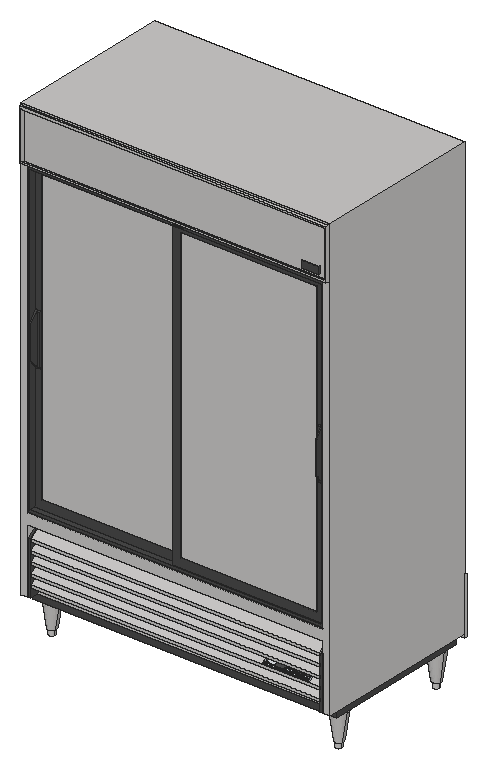
Revit family "QF_TRUE_TSD-47-HC", category Specialty Equipment, Revit 2016
Family settings
  Part Type = Normal
  Round Connector Dimension = Use Diameter
  Work Plane-Based = No
  Always vertical = Yes
  Cut with Voids When Loaded = No
  Shared = No
  Room Calculation Point = No
Parameters
  Weight in Pounds = 410
  Watts = if(Phase = 3, Volts * FL Amps * 1.73, Volts * FL Amps)  # 977.5 W
  Volts = 115 V
  URL Cutsheet = ""
  Specification by User = ""
  Specification by Manufacturer = ""
  Show Seismic Flanged [instance] = no
  Show Logo [instance] = no
  Show Legs [instance] = yes
  Show 2.5 Inches Castors [instance] = no
  Serial Number = ""
  Seismic Rating = ""
  Seismic Flanged [instance] = and(Show Seismic Flanged, not(Show 4 Inches Castors))  # no
  SMACNA No = ""
  Revision Code = ""
  Phase = 1
  Number of Poles = 1
  NAFEM Spec ID Number = ""
  Model = "TSD-47-HC"
  Min Ckt Ampacity = 0 A
  Max Overcurrent Protection = 0 A
  Masterspec = ""
  Manufacturer = "TRUE"
  Length = 54 1/8"
  Legs [instance] = and(not(Show 2.5 Inches Castors), or(Show Legs, Show Seismic Flanged))  # yes
  Item Number = ""
  Installed By = ""
  Identify Quantity as Lot = yes
  Height = 84 3/8"
  HP = "1/2"
  Furnished By = ""
  Foodservice Equipment Identifier = yes
  FL Amps = 8.5 A
  Electrical Remarks = ""
  Electric Connection Type = ""
  Elec Conn RI Height = 0"
  Elec Conn Connection Height = 0"
  Description = "REACH-IN SOLID DOOR REFRIGERATOR WITH HYDROCARBON REFRIGERANT"
  Depth = 29 13/16"
  Cycle = 60 Hz
  Conn Plug = "NEMA 5-15P"
  Conn Conduit = yes
  Show 4 Inches Castors [instance] = if(Show 2.5 Inches Castors, or(Show Legs, Show Seismic Flanged), if(Show Seismic Flanged, Show Legs, not(or(Show Legs, Show Seismic Flanged, Show 2.5 Inches Castors))))  # no
  CSI MasterFormat = ""
  Base Height [instance] = if(Show 4 Inches Castors, 4", if(Show 2.5 Inches Castors, 2 1/2", if(Show Legs, 6 1/16", if(Show Seismic Flanged, 6 1/16", 4"))))  # 6 1/16"
  Apparent Power = if(Phase = 3, Volts * FL Amps * 1.73, Volts * FL Amps)  # 977.5 VA
  2.5 Inches Castors [instance] = and(Show 2.5 Inches Castors, not(Show 4 Inches Castors))  # no
Reference planes (in)
  plane 1 "BACK": y = 0
  plane 2: z = 0
  plane 3 "LEFT": x = 0
  plane 4 "RIGHT": x = 54.125
  plane 5 "FRONT": y = -29.8125
  plane 6 "TOP": z = 84.375
  plane 7 "Center Y": x = 27.0625
  plane 8 "Center X": y = -14.90625
  plane 9: z = 6.0625
  plane 10: y = 0.5
  plane 11: x = 2
  plane 12: y = -24.90625
  plane 13: y = -3.59375
  plane 14: x = 52.125
Dimensions and locks (in)
  equal spacing: plane 3 "LEFT", plane 7 "Center Y", plane 4 "RIGHT"
  "Length": plane 3 "LEFT" to plane 4 "RIGHT"
  equal spacing: plane 5 "FRONT", plane 8 "Center X", plane 1 "BACK"
  "Depth": plane 5 "FRONT" to plane 1 "BACK"
  "Height": plane 6 "TOP" to level
  "Base Height": plane 9 to plane 2
  aligned and locked: level to plane 2
  aligned and locked: nested 1 to plane 9
Nested families (in)
  nested 1: "TSD-47-HC" at (0, -0.25, 0.0625), type "TSD-47-HC"
    with Type Mark "", Specification by User "", Revision Code "", Logo yes, Item Number "", Installed By "", Identify Quantity as Lot yes, Furnished By "", Foodservice Equipment Identifier yes
  nested 2: "TRUE_L6_C3.25" at (2, -24.90625, 0), Show Casters <- "Show 4 Inches Castors", Seismic Plate <- "Seismic Flanged", Legs <- "Legs", 2.5 Inches Caster <- "2.5 Inches Castors", type "TRUE_L6_C3.25"
    with Type Mark "", Specification by User "", Show Casters no, Seismic Plate no, Revision Code "", Legs yes, Item Number "", Installed By "", Identify Quantity as Lot yes, Furnished By "", Foodservice Equipment Identifier yes, 2.5 Inches Caster no
  nested 3: "TRUE_L6_C3.25" at (52.125, -24.90625, 0), Show Casters <- "Show 4 Inches Castors", Seismic Plate <- "Seismic Flanged", Legs <- "Legs", 2.5 Inches Caster <- "2.5 Inches Castors", type "TRUE_L6_C3.25"
    with Type Mark "", Specification by User "", Show Casters no, Seismic Plate no, Revision Code "", Legs yes, Item Number "", Installed By "", Identify Quantity as Lot yes, Furnished By "", Foodservice Equipment Identifier yes, 2.5 Inches Caster no
  nested 4: "TRUE_L6_C3.25" at (2, -3.59375, 0), Show Casters <- "Show 4 Inches Castors", Seismic Plate <- "Seismic Flanged", Legs <- "Legs", 2.5 Inches Caster <- "2.5 Inches Castors", type "TRUE_L6_C3.25"
    with Type Mark "", Specification by User "", Show Casters no, Seismic Plate no, Revision Code "", Legs yes, Item Number "", Installed By "", Identify Quantity as Lot yes, Furnished By "", Foodservice Equipment Identifier yes, 2.5 Inches Caster no
  nested 5: "TRUE_L6_C3.25" at (52.125, -3.59375, 0), Show Casters <- "Show 4 Inches Castors", Seismic Plate <- "Seismic Flanged", Legs <- "Legs", 2.5 Inches Caster <- "2.5 Inches Castors", type "TRUE_L6_C3.25"
    with Type Mark "", Specification by User "", Show Casters no, Seismic Plate no, Revision Code "", Legs yes, Item Number "", Installed By "", Identify Quantity as Lot yes, Furnished By "", Foodservice Equipment Identifier yes, 2.5 Inches Caster no
Connectors (in)
  electrical at (27.0625, 0.5, 11.625), driven by "Volts", driven by "Watts"
    settings: on nested 1, index 1, voltage 115 V, apparent load 977.5 VA, apparent load phase1 0 VA, apparent load phase2 0 VA, apparent load phase3 0 VA, power factor 1, load classification "Other", number of poles 1, system type 30, power factor state 1, is connector primary yes, connector utility no, sub classification motor no, connector description "ELECTRICAL CONNECTION"
Definition of nested family "TSD-47-HC"
  Parameters (values of type "TSD-47-HC")
    URL = "www.truemfg.com"
    Type Mark [instance] = ""
    Type Comments = "www.truemfg.com"
    Specification by User [instance] = ""
    Specification by Manufacturer = ""
    Serial Number = ""
    Seismic Rating = ""
    SMACNA No = ""
    Revision Code [instance] = ""
    Omniclass Number and Title = ""
    NAFEM Spec ID Number = ""
    Model = ""
    MasterSpec. = ""
    Manufacturer = "TRUE FOOD SERVICE EQUIPMENT, INC."
    Logo [instance] = yes
    Item Number [instance] = ""
    Installed By [instance] = ""
    Identify Quantity as Lot [instance] = yes
    Furnished By [instance] = ""
    Foodservice Equipment Identifier [instance] = yes
    Description = ""
    CSI MasterFormat = ""
    CSI Master Format = ""
    Assembly Code = ""
  Reference planes (in)
    plane 1: z = 0
    plane 2 "LEFT": x = 0
    plane 3 "RIGHT": x = 54.125
    plane 4 "FRONT": y = -29.5625
    plane 5 "TOP": z = 84.3125
    plane 6: z = 6
    plane 7: y = -36.15965
    plane 8: y = -36.15965
    plane 9: y = 0.25
    plane 10: y = 0.75
    plane 11: x = 27.0625
    plane 12: x = 0.5
    plane 13: x = 53.625
    plane 14: y = -36.15965
  Forms (in)
    Extrusion 1, solid
      sketch origin (0, 0, 1) x (0, 1, 0) y (0, 0, 1)
        loop
          line (-1, 6.375) -> (-27, 6.375) -> (-27, 5) -> (-1, 5) -> (-1, 6.375)
      from 0.5 to 53.625
    Extrusion 2, solid
      sketch origin (0, -29.875, 0) x (1, 0, 0) y (0, 0, 1)
        loop
          line (0, 84.3125) -> (0, 7.375) -> (1.25, 7.375) -> (1.25, 18.625) -> (52.875, 18.625) -> (52.875, 7.375) -> (54.125, 7.375) -> (54.125, 84.3125) -> (0, 84.3125)
        loop
          line (1.25, 75) -> (1.25, 20.625) -> (52.875, 20.625) -> (52.875, 75) -> (1.25, 75)
      from -28.875 to -0.8125
    Extrusion 3, solid
      sketch origin (0, 0, 0) x (1, 0, 0) y (0, 0, 1)
        loop
          line (0, 84.3125) -> (0, 7.375) -> (54.125, 7.375) -> (54.125, 84.3125) -> (0, 84.3125)
      from -0.25 to 1
    Extrusion 4, solid
      sketch origin (0, -2.45545, 4.4375) x (0, 1, 0) y (0, 0, 1)
        loop
          line (-26.60705, 6.357) -> (-24.90393, 7.56798) -> (-24.90393, 6.22746) -> (-26.60705, 5.01648) -> (-26.60705, 4.55635) -> (-24.90393, 5.76733) -> (-24.90393, 2.9375) -> (-24.04455, 2.9375) -> (-24.04455, 14.1875) -> (-24.90393, 14.1875) -> (-24.90393, 13.42723) -> (-26.60705, 12.21625) -> (-26.60705, 11.75612) -> (-24.90393, 12.9671) -> (-24.90393, 11.62658) -> (-26.60705, 10.4156) -> (-26.60705, 9.95547) -> (-24.90393, 11.16645) -> (-24.90393, 9.82592) -> (-26.60705, 8.61494) -> (-26.60705, 8.14374) -> (-24.90393, 9.35472) -> (-24.90393, 8.01419) -> (-26.60705, 6.80321) -> (-26.60705, 6.357)
      from 1.75 to 52.375
    Extrusion 5, solid
      sketch origin (-0.25, -2.45545, 4.4375) x (0, 1, 0) y (0, 0, 1)
        loop
          line (-24.90393, 13.42723) -> (-26.60705, 12.21625) -> (-26.60705, 2.9375) -> (-24.04455, 2.9375) -> (-24.04455, 14.17051) -> (-24.90393, 14.17051) -> (-24.90393, 13.42723)
      from 1.5 to 2
    Extrusion 6, solid
      sketch origin (0, -29.5625, 0) x (1, 0, 0) y (0, 0, 1)
        loop
          line (0.5625, 75.4375) -> (53.5625, 75.4375) -> (53.5625, 83.8125) -> (0.5625, 83.8125) -> (0.5625, 75.4375)
        loop
          line (0.3125, 84.0625) -> (0.3125, 75.1875) -> (53.8125, 75.1875) -> (53.8125, 84.0625) -> (0.3125, 84.0625)
      from -0.5 to 0
    Extrusion 7, solid
      sketch origin (0, -28.9375, 0) x (1, 0, 0) y (0, 0, 1)
        loop
          line (2.75265, 73.5) -> (2.75265, 22.5) -> (26.3125, 22.5) -> (26.3125, 73.5) -> (2.75265, 73.5)
        loop
          line (1.50265, 21) -> (27.5625, 21) -> (27.5625, 75) -> (1.50265, 75) -> (1.50265, 21)
      from -1.90983 to -1.20983
    Extrusion 8, solid
      sketch origin (0, -28.9375, 1) x (1, 0, 0) y (0, 0, 1)
        loop
          line (2.75265, 72.5) -> (2.75265, 21.5) -> (26.3125, 21.5) -> (26.3125, 72.5) -> (2.75265, 72.5)
      from -1.90983 to -1.20983
    Extrusion 9, solid
      sketch origin (0, -28.9375, 0) x (1, 0, 0) y (0, 0, 1)
        loop
          line (1.50265, 74.375) -> (1.50265, 21) -> (52.62235, 21) -> (52.62235, 74.375) -> (1.50265, 74.375)
        loop
          line (1.25, 20.625) -> (52.875, 20.625) -> (52.875, 75) -> (1.25, 75) -> (1.25, 20.625)
      from -2.125 to 0
    Extrusion 10, solid
      sketch origin (0, 0.9375, 0) x (1, 0, 0) y (0, 1, 0)
        loop
          line (1.71617, -28.6875) -> (1.71617, -30) -> (1.91617, -30) -> (1.91617, -28.8875) -> (2.46617, -28.8875) -> (2.46617, -28.6875) -> (1.71617, -28.6875)
      from 42.905 to 52.00141
    Extrusion 11, solid
      sketch origin (12.6875, -4.5625, 8.43646) x (1, 0, 0) y (0, 0, 1)
        loop
          line (36.5405, 68.62885) -> (36.5405, 67.37885) -> (39.5405, 67.37885) -> (39.5405, 68.62885) -> (36.5405, 68.62885)
      from 24.5 to 24.58496
    Extrusion 12, void
      sketch origin (0, 0.9375, 0) x (0, 1, 0) y (0, 0, 1)
        loop
          line (-30, 50.26512) -> (-28.6875, 52.00141) -> (-30, 52.00141) -> (-30, 50.26512)
        loop
          line (-30, 44.64129) -> (-30, 42.905) -> (-28.6875, 42.905) -> (-30, 44.64129)
      from 1.71617 to 2.46617
    Extrusion 13, solid
      sketch origin (39.5, -29.375, 84.3125) x (0, 0, -1) y (0, 1, 0)
        loop
          line (77.625, 29.625) -> (77.625, 30.125) -> (67.875, 30.125) -> (67.375, 29.625) -> (77.625, 29.625)
      from 14.625 to -39.5
    Extrusion 14, solid
      sketch origin (54.375, -2.45545, 4.4375) x (0, 1, 0) y (0, 0, -1)
        loop
          line (-24.90393, -13.42723) -> (-24.90393, -14.17051) -> (-24.04455, -14.17051) -> (-24.04455, -2.9375) -> (-26.60705, -2.9375) -> (-26.60705, -12.21625) -> (-24.90393, -13.42723)
      from 1.5 to 2
    Extrusion 15, solid, not visible
      sketch origin (17.8697, -29.77233, 0) x (1, 0, 0) y (0, 0, 1)
        loop
          line (-4.9322, 73.5) -> (-4.9322, 22.5) -> (18.87765, 22.5) -> (18.87765, 73.5) -> (-4.9322, 73.5)
        loop
          line (-6.1822, 21) -> (20.12765, 21) -> (20.12765, 75) -> (-6.1822, 75) -> (-6.1822, 21)
      from -1.90983 to -1.20983
    Extrusion 16, solid, not visible
      sketch origin (17.8697, -29.77233, 1) x (1, 0, 0) y (0, 0, 1)
        loop
          line (-4.9322, 72.5) -> (-4.9322, 21.5) -> (18.87765, 21.5) -> (18.87765, 72.5) -> (-4.9322, 72.5)
      from -1.90983 to -1.20983
    Extrusion 17, solid, not visible
      sketch origin (39.5, 0.125, 0) x (-1, 0, 0) y (0, -1, 0)
        loop
          line (1.71617, 28.6875) -> (2.46617, 28.6875) -> (2.46617, 28.8875) -> (1.91617, 28.8875) -> (1.91617, 30) -> (1.71617, 30) -> (1.71617, 28.6875)
      from 42.905 to 52.00141
    Extrusion 18, void, not visible
      sketch origin (39.5, 0.125, 0) x (0, 1, 0) y (0, 0, -1)
        loop
          line (-30, -50.26512) -> (-30, -52.00141) -> (-28.6875, -52.00141) -> (-30, -50.26512)
        loop
          line (-30, -44.64129) -> (-28.6875, -42.905) -> (-30, -42.905) -> (-30, -44.64129)
      from 1.71617 to 2.46617
    Extrusion 19, solid
      sketch origin (32.4947, -29.77233, 0) x (1, 0, 0) y (0, 0, 1)
        loop
          line (-4.9322, 73.5) -> (-4.9322, 22.5) -> (18.87765, 22.5) -> (18.87765, 73.5) -> (-4.9322, 73.5)
        loop
          line (-6.1822, 21) -> (20.12765, 21) -> (20.12765, 75) -> (-6.1822, 75) -> (-6.1822, 21)
      from -1.90983 to -1.20983
    Extrusion 20, solid
      sketch origin (32.4947, -29.77233, 1) x (1, 0, 0) y (0, 0, 1)
        loop
          line (-4.9322, 72.5) -> (-4.9322, 21.5) -> (18.87765, 21.5) -> (18.87765, 72.5) -> (-4.9322, 72.5)
      from -1.90983 to -1.20983
    Extrusion 21, solid
      sketch origin (54.125, 0.125, 0) x (-1, 0, 0) y (0, -1, 0)
        loop
          line (1.71617, 28.6875) -> (2.46617, 28.6875) -> (2.46617, 28.8875) -> (1.91617, 28.8875) -> (1.91617, 30) -> (1.71617, 30) -> (1.71617, 28.6875)
      from 42.905 to 52.00141
    Extrusion 22, void
      sketch origin (54.125, 0.125, 0) x (0, 1, 0) y (0, 0, -1)
        loop
          line (-30, -50.26512) -> (-30, -52.00141) -> (-28.6875, -52.00141) -> (-30, -50.26512)
        loop
          line (-30, -44.64129) -> (-28.6875, -42.905) -> (-30, -42.905) -> (-30, -44.64129)
      from 1.71617 to 2.46617
    Extrusion 23, solid, visible <- "Logo"
      sketch origin (21.05273, 5.83047, 43.96283) x (1, 0, 0) y (0, 0, 1)
        loop
          line (4.75096, 30.92458) -> (4.7107, 30.83825) -> (5.24616, 30.83825)
          arc (5.24616, 30.83825) -> (5.25703, 30.81904) -> (5.24616, 30.79982) r 0.02243
          line (5.24616, 30.79982) -> (5.1065, 30.50032)
          arc (5.1065, 30.50032) -> (5.10529, 30.47258) -> (5.12405, 30.45211) r 0.03628
          line (5.12405, 30.45211) -> (5.46643, 30.45211)
          arc (5.46643, 30.45211) -> (5.50967, 30.46574) -> (5.53726, 30.50171) r 0.07537
          line (5.53726, 30.50171) -> (5.64717, 30.7374) -> (5.74815, 30.7374)
          arc (5.74815, 30.7374) -> (5.77464, 30.72766) -> (5.77081, 30.69969) r 0.02252
          line (5.77081, 30.69969) -> (5.67884, 30.50248)
          arc (5.67884, 30.50248) -> (5.68027, 30.46973) -> (5.70792, 30.45211) r 0.0355
          line (5.70792, 30.45211) -> (6.00877, 30.45211)
          arc (6.00877, 30.45211) -> (6.03182, 30.4605) -> (6.04408, 30.48174) r 0.03586
          arc (6.04408, 30.48174) -> (6.05276, 30.46079) -> (6.07372, 30.45211) r 0.02963
          line (6.07372, 30.45211) -> (6.26421, 30.45211)
          arc (6.26421, 30.45211) -> (6.28621, 30.45801) -> (6.30232, 30.47412) r 0.04401
          arc (6.30232, 30.47412) -> (6.31003, 30.4555) -> (6.32865, 30.44778) r 0.02633
          line (6.32865, 30.44778) -> (6.59938, 30.44778)
          arc (6.59938, 30.44778) -> (6.62152, 30.45695) -> (6.63069, 30.47909) r 0.0313
          arc (6.63069, 30.47909) -> (6.65098, 30.4588) -> (6.67869, 30.45137) r 0.05543
          line (6.67869, 30.45137) -> (7.18584, 30.45137) -> (7.24217, 30.54894) -> (6.73064, 30.54894)
          arc (6.73064, 30.54894) -> (6.71652, 30.55873) -> (6.716, 30.57591) r 0.01908
          line (6.716, 30.57591) -> (6.73629, 30.61943) -> (6.9242, 30.61943)
          arc (6.9242, 30.61943) -> (6.95969, 30.62894) -> (6.98567, 30.65492) r 0.07098
          line (6.98567, 30.65492) -> (7.03329, 30.7374)
          arc (7.03329, 30.7374) -> (7.03329, 30.78143) -> (6.99517, 30.80344) r 0.04402
          line (6.99517, 30.80344) -> (6.82163, 30.80344)
          arc (6.82163, 30.80344) -> (6.7774, 30.79592) -> (6.74653, 30.76335) r 0.07088
          line (6.74653, 30.76335) -> (6.66407, 30.5865)
          arc (6.66407, 30.5865) -> (6.63973, 30.55478) -> (6.6016, 30.54276) r 0.06648
          line (6.6016, 30.54276) -> (6.4216, 30.54276)
          arc (6.4216, 30.54276) -> (6.40005, 30.56628) -> (6.40144, 30.59814) r 0.04167
          line (6.40144, 30.59814) -> (6.49717, 30.80344) -> (6.43624, 30.80344) -> (6.33482, 30.58594)
          arc (6.33482, 30.58594) -> (6.31512, 30.56025) -> (6.28424, 30.55052) r 0.05382
          line (6.28424, 30.55052) -> (6.16012, 30.55052)
          arc (6.16012, 30.55052) -> (6.13914, 30.57786) -> (6.14364, 30.61201) r 0.04502
          line (6.14364, 30.61201) -> (6.2329, 30.80344) -> (6.16998, 30.80344) -> (6.06724, 30.5831)
          arc (6.06724, 30.5831) -> (6.04339, 30.55925) -> (6.01081, 30.55052) r 0.06516
          line (6.01081, 30.55052) -> (5.83107, 30.55052)
          arc (5.83107, 30.55052) -> (5.79879, 30.56557) -> (5.79568, 30.60106) r 0.03562
          line (5.79568, 30.60106) -> (5.85476, 30.72776) -> (5.93828, 30.72776)
          arc (5.93828, 30.72776) -> (5.95237, 30.77023) -> (5.98236, 30.80344) r 0.10884
          line (5.98236, 30.80344) -> (5.65601, 30.80344)
          arc (5.65601, 30.80344) -> (5.61974, 30.7954) -> (5.59465, 30.76801) r 0.06177
          line (5.59465, 30.76801) -> (5.50619, 30.57831)
          arc (5.50619, 30.57831) -> (5.48585, 30.55797) -> (5.45806, 30.55052) r 0.05557
          line (5.45806, 30.55052) -> (5.26322, 30.55052)
          arc (5.26322, 30.55052) -> (5.24802, 30.57107) -> (5.25091, 30.59647) r 0.03488
          line (5.25091, 30.59647) -> (5.37947, 30.83825) -> (5.70382, 30.83825) -> (5.74408, 30.92458) -> (5.41972, 30.92458) -> (5.45997, 31.0109) -> (5.34459, 31.0109) -> (5.30434, 30.92458) -> (4.75096, 30.92458)
        loop
          line (6.7997, 30.72507) -> (6.78025, 30.67212) -> (6.93883, 30.67212) -> (6.95026, 30.72507) -> (6.7997, 30.72507)
      from 34.76797 to 34.83173
  Cuts and joins
    Extrusion 12 cuts Extrusion 2
    Extrusion 12 cuts Extrusion 3
    joined: Extrusion 2, Extrusion 3
    Extrusion 12 cuts Extrusion 9
    Extrusion 12 cuts Extrusion 10
    Extrusion 22 cuts Extrusion 21
  Lines and regions (in)
    symbolic lines
      curve 1: line (0, 0.25, 0) -> (54.125, 0.25, 0)
      curve 2: line (0, -29.0625, 0) -> (0, 0.25, 0)
      curve 3: line (54.125, -29.0625, 0) -> (0, -29.0625, 0)
      curve 4: line (54.125, 0.25, 0) -> (54.125, -29.0625, 0)
      curve 5: line (53.8125, -29.5625, 0) -> (53.8125, -29.0625, 0)
      curve 6: line (53.8125, -29.5625, 0) -> (0.3125, -29.5625, 0)
      curve 7: line (0.3125, -29.5625, 0) -> (0.3125, -29.0625, 0)
  Dimensions and locks (in)
    plane 2 "LEFT" to plane 3 "RIGHT" = 54 1/8"
    locked: Extrusion 1 sketch curve to Extrusion 1 sketch curve at 1.375
    plane 6 to level = 6"
    plane 3 "RIGHT" to plane 2 "LEFT" = 54 1/8"
    plane 4 "FRONT" to plane 9 = 29 13/16"
    plane 9 to plane 10 = 1/2"
    Extrusion 13 to cut or joined group of Extrusion 2, Extrusion 3, Extrusion 12 to plane 4 "FRONT" = 1/2", 29 13/16"
    equal spacing: plane 3 "RIGHT", plane 11, plane 2 "LEFT"
    aligned and locked: level to plane 1
    aligned and locked: Extrusion 2 to Extrusion 3
    aligned and locked: Extrusion 5 to Extrusion 4
    aligned and locked: Extrusion 12 to cut or joined group of Extrusion 10, Extrusion 12
    aligned and locked: Extrusion 4 sketch curve to Extrusion 5
  Automatic sketch dimensions
    Extrusion 17 sketch curve to Extrusion 17 sketch curve = 0.2"  (x2)
    Extrusion 17 sketch curve to Extrusion 17 sketch curve = 0.55"
    Extrusion 18 sketch curve to Extrusion 18 sketch curve = 1.73629"  (x2)
    Extrusion 18 sketch curve to Extrusion 18 sketch curve = 5.62383"
    Extrusion 16 sketch curve to Extrusion 16 sketch curve = 23.80985"
    Extrusion 16 sketch curve to Extrusion 16 sketch curve = 51"
    Extrusion 17 sketch curve to Extrusion 17 sketch curve = 1.1125"
    Extrusion 18 sketch curve to Extrusion 18 sketch curve = 0"
    Extrusion 18 sketch curve to Extrusion 18 sketch curve = 1 5/16"  (x2)
    Extrusion 21 sketch curve to Extrusion 21 sketch curve = 0.2"  (x2)
    Extrusion 21 sketch curve to Extrusion 21 sketch curve = 0.55"
    Extrusion 22 sketch curve to Extrusion 22 sketch curve = 1.73629"  (x2)
    Extrusion 22 sketch curve to Extrusion 22 sketch curve = 5.62383"
    Extrusion 20 sketch curve to Extrusion 20 sketch curve = 23.80985"
    Extrusion 20 sketch curve to Extrusion 20 sketch curve = 51"
    Extrusion 21 sketch curve to Extrusion 21 sketch curve = 1.1125"
    Extrusion 22 sketch curve to Extrusion 22 sketch curve = 0"
    Extrusion 22 sketch curve to Extrusion 22 sketch curve = 1 5/16"  (x2)
    Extrusion 19 sketch curve to Extrusion 19 sketch curve = 1 1/4"  (x2)
    Extrusion 19 sketch curve to Extrusion 19 sketch curve = 1 1/2"  (x2)
    Extrusion 19 sketch curve to Extrusion 19 sketch curve = 51"
    Extrusion 19 sketch curve to Extrusion 19 sketch curve = 23.80985"
    Extrusion 15 sketch curve to Extrusion 15 sketch curve = 1 1/4"  (x2)
    Extrusion 15 sketch curve to Extrusion 15 sketch curve = 1 1/2"  (x2)
    Extrusion 15 sketch curve to Extrusion 15 sketch curve = 51"
    Extrusion 15 sketch curve to Extrusion 15 sketch curve = 23.80985"
    curve 3 to plane 2 "LEFT" = 0"
    plane 4 "FRONT" to curve 6 = 0"
    curve 1 to plane 9 = 0"
    curve 6 to plane 12 = 3/16"
    plane 11 to curve 5 = 26 3/4"
    curve 5 to curve 3 = 5/16"
    curve 3 to plane 4 "FRONT" = 1/2"
    Extrusion 1 sketch curve to plane 6 = 0"
    Extrusion 1 sketch curve to plane 4 "FRONT" = 2 9/16"
    Extrusion 1 sketch curve to plane 9 = 1 1/4"
    Extrusion 2 sketch curve to plane 2 "LEFT" = 0"
    Extrusion 2 sketch curve to plane 3 "RIGHT" = 0"
    Extrusion 2 sketch curve to plane 5 "TOP" = 0"
    plane 12 to Extrusion 2 sketch curve = 3/4"  (x2)
    plane 13 to Extrusion 2 sketch curve = 3/4"  (x2)
    Extrusion 2 sketch curve to plane 5 "TOP" = 9 5/16"
    plane 6 to Extrusion 2 sketch curve = 14 5/8"
    Extrusion 2 sketch curve to Extrusion 2 sketch curve = 2"
    plane 6 to Extrusion 2 sketch curve = 1 3/8"  (x2)
    Extrusion 3 sketch curve to plane 2 "LEFT" = 0"
    Extrusion 3 sketch curve to plane 3 "RIGHT" = 0"
    Extrusion 3 sketch curve to plane 5 "TOP" = 0"
    plane 6 to Extrusion 3 sketch curve = 1 3/8"
    Extrusion 4 sketch curve to Extrusion 4 sketch curve = 55/64"
    Extrusion 4 sketch curve to plane 4 "FRONT" = 2 13/64"
    Extrusion 4 sketch curve to Extrusion 4 sketch curve = 0"  (x4)
    Extrusion 4 sketch curve to plane 4 "FRONT" = 1/2"  (x5)
    plane 6 to Extrusion 4 sketch curve = 1 3/8"
    Extrusion 4 sketch curve to Extrusion 4 sketch curve = 1.61885"
    Extrusion 4 sketch curve to Extrusion 4 sketch curve = 0.46013"  (x6)
    Extrusion 4 sketch curve to Extrusion 4 sketch curve = 0.75085"
    Extrusion 4 sketch curve to Extrusion 4 sketch curve = 1.34052"  (x8)
    Extrusion 4 sketch curve to Extrusion 4 sketch curve = 0.44621"  (x2)
    Extrusion 4 sketch curve to Extrusion 4 sketch curve = 0.4712"  (x2)
    Extrusion 4 sketch curve to Extrusion 4 sketch curve = 0.76026"
    Extrusion 5 sketch curve to plane 4 "FRONT" = 1/2"
    Extrusion 5 sketch curve to plane 4 "FRONT" = 2 13/64"
    Extrusion 5 sketch curve to Extrusion 5 sketch curve = 55/64"
    plane 6 to Extrusion 5 sketch curve = 1 3/8"
    Extrusion 5 sketch curve to Extrusion 5 sketch curve = 9.27876"
    Extrusion 5 sketch curve to Extrusion 5 sketch curve = 1.21098"
    Extrusion 5 sketch curve to Extrusion 5 sketch curve = 0.74327"
    Extrusion 6 sketch curve to plane 12 = 3/16"
    plane 12 to Extrusion 6 sketch curve = 1/16"
    plane 13 to Extrusion 6 sketch curve = 1/16"
    Extrusion 6 sketch curve to plane 13 = 3/16"
    Extrusion 6 sketch curve to plane 5 "TOP" = 9 1/8"
    Extrusion 6 sketch curve to Extrusion 6 sketch curve = 1/4"
    Extrusion 6 sketch curve to plane 5 "TOP" = 1/2"
    Extrusion 6 sketch curve to plane 5 "TOP" = 1/4"
    plane 12 to Extrusion 8 sketch curve = 2.25265"
    Extrusion 8 sketch curve to plane 11 = 3/4"
    plane 6 to Extrusion 8 sketch curve = 16 1/2"
    Extrusion 8 sketch curve to plane 5 "TOP" = 10 13/16"
    plane 12 to Extrusion 9 sketch curve = 3/4"
    Extrusion 9 sketch curve to Extrusion 9 sketch curve = 0.25265"  (x2)
    plane 13 to Extrusion 9 sketch curve = 1.00265"
    plane 6 to Extrusion 9 sketch curve = 14 5/8"
    Extrusion 9 sketch curve to Extrusion 9 sketch curve = 3/8"
    Extrusion 9 sketch curve to plane 5 "TOP" = 9 15/16"
    Extrusion 9 sketch curve to Extrusion 9 sketch curve = 5/8"
    Extrusion 10 sketch curve to plane 4 "FRONT" = 1/2"
    plane 12 to Extrusion 10 sketch curve = 1.21617"
    Extrusion 10 sketch curve to Extrusion 10 sketch curve = 0.2"  (x2)
    Extrusion 10 sketch curve to Extrusion 10 sketch curve = 0.55"
    Extrusion 10 sketch curve to Extrusion 10 sketch curve = 1.1125"
    plane 13 to Extrusion 11 sketch curve = 4.397"
    plane 13 to Extrusion 11 sketch curve = 1.397"
    Extrusion 11 sketch curve to plane 5 "TOP" = 8.49719"
    Extrusion 11 sketch curve to Extrusion 11 sketch curve = 1 1/4"
    Extrusion 12 sketch curve to plane 4 "FRONT" = 1/2"  (x2)
    Extrusion 12 sketch curve to Extrusion 12 sketch curve = 1 5/16"  (x2)
    plane 6 to Extrusion 12 sketch curve = 36.905"
    Extrusion 12 sketch curve to Extrusion 12 sketch curve = 1.73629"  (x2)
    Extrusion 12 sketch curve to Extrusion 12 sketch curve = 5.62383"
    Extrusion 13 sketch curve to plane 9 = 0"
    Extrusion 13 sketch curve to plane 10 = 0"
    plane 6 to Extrusion 13 sketch curve = 10 15/16"
    Extrusion 13 sketch curve to Extrusion 13 sketch curve = 1/2"
    plane 6 to Extrusion 13 sketch curve = 11/16"
    Extrusion 14 sketch curve to plane 4 "FRONT" = 1/2"
    Extrusion 14 sketch curve to plane 4 "FRONT" = 2 13/64"
    Extrusion 14 sketch curve to Extrusion 14 sketch curve = 55/64"
    plane 6 to Extrusion 14 sketch curve = 12.60801"
    Extrusion 14 sketch curve to Extrusion 14 sketch curve = 0.74327"
    Extrusion 14 sketch curve to Extrusion 14 sketch curve = 1.21098"
    plane 6 to Extrusion 14 sketch curve = 1 3/8"
    Extrusion 23 sketch curve to plane 11 = 1.29907"
    Extrusion 23 sketch curve to Extrusion 23 sketch curve = 0.04025"  (x5)
    Extrusion 23 sketch curve to Extrusion 23 sketch curve = 0.3958"
    Extrusion 23 sketch curve to Extrusion 23 sketch curve = 0.01755"
    Extrusion 23 sketch curve to Extrusion 23 sketch curve = 0.03288"  (x2)
    Extrusion 23 sketch curve to Extrusion 23 sketch curve = 0.1281"
    Extrusion 23 sketch curve to Extrusion 23 sketch curve = 0.01156"  (x2)
    Extrusion 23 sketch curve to Extrusion 23 sketch curve = 0.11153"
    Extrusion 23 sketch curve to Extrusion 23 sketch curve = 0.01231"
    Extrusion 23 sketch curve to Extrusion 23 sketch curve = 0.01848"
    Extrusion 23 sketch curve to Extrusion 23 sketch curve = 0.05818"
    Extrusion 23 sketch curve to Extrusion 23 sketch curve = 0.07513"
    Extrusion 23 sketch curve to Extrusion 23 sketch curve = 0.17635"
    Extrusion 23 sketch curve to Extrusion 23 sketch curve = 0.00837"
    Extrusion 23 sketch curve to Extrusion 23 sketch curve = 0.04812"
    Extrusion 23 sketch curve to Extrusion 23 sketch curve = 0.07083"
    Extrusion 23 sketch curve to Extrusion 23 sketch curve = 0.08846"
    Extrusion 23 sketch curve to Extrusion 23 sketch curve = 0.05252"
    Extrusion 23 sketch curve to Extrusion 23 sketch curve = 0.00346"
    Extrusion 23 sketch curve to Extrusion 23 sketch curve = 0.00538"
    Extrusion 23 sketch curve to Extrusion 23 sketch curve = 0.14158"
    Extrusion 23 sketch curve to Extrusion 23 sketch curve = 0.04781"
    Extrusion 23 sketch curve to Extrusion 23 sketch curve = 0.02908"
    Extrusion 23 sketch curve to Extrusion 23 sketch curve = 0.03217"
    Extrusion 23 sketch curve to Extrusion 23 sketch curve = 0.09752"
    Extrusion 23 sketch curve to Extrusion 23 sketch curve = 0.00719"
    Extrusion 23 sketch curve to Extrusion 23 sketch curve = 0.01547"
    Extrusion 23 sketch curve to Extrusion 23 sketch curve = 0.02488"
    Extrusion 23 sketch curve to Extrusion 23 sketch curve = 0.03228"
    Extrusion 23 sketch curve to Extrusion 23 sketch curve = 0.0031"
    Extrusion 23 sketch curve to Extrusion 23 sketch curve = 0.08396"
    Extrusion 23 sketch curve to plane 11 = 0.07149"
    Extrusion 23 sketch curve to plane 11 = 0.02741"
    Extrusion 23 sketch curve to plane 11 = 0.001"
    plane 11 to Extrusion 23 sketch curve = 0.00104"
    plane 11 to Extrusion 23 sketch curve = 0.03665"
    plane 11 to Extrusion 23 sketch curve = 0.05747"
    plane 11 to Extrusion 23 sketch curve = 0.06395"
    Extrusion 23 sketch curve to Extrusion 23 sketch curve = 0.0764"
    Extrusion 23 sketch curve to Extrusion 23 sketch curve = 0.01648"
    Extrusion 23 sketch curve to Extrusion 23 sketch curve = 0.12356"
    Extrusion 23 sketch curve to Extrusion 23 sketch curve = 0.03899"  (x2)
    Extrusion 23 sketch curve to Extrusion 23 sketch curve = 0.06292"
    Extrusion 23 sketch curve to Extrusion 23 sketch curve = 0.10409"
    Extrusion 23 sketch curve to Extrusion 23 sketch curve = 0.02004"
    Extrusion 23 sketch curve to Extrusion 23 sketch curve = 0.06445"
    Extrusion 23 sketch curve to Extrusion 23 sketch curve = 0.05058"
    Extrusion 23 sketch curve to Extrusion 23 sketch curve = 0.06662"
    Extrusion 23 sketch curve to Extrusion 23 sketch curve = 0.02016"
    Extrusion 23 sketch curve to Extrusion 23 sketch curve = 0.20334"  (x2)
    Extrusion 23 sketch curve to Extrusion 23 sketch curve = 0.03777"  (x2)
    Extrusion 23 sketch curve to Extrusion 23 sketch curve = 0.06093"
    Extrusion 23 sketch curve to Extrusion 23 sketch curve = 0.17779"
    Extrusion 23 sketch curve to Extrusion 23 sketch curve = 0.00222"
    Extrusion 23 sketch curve to Extrusion 23 sketch curve = 0.06247"
    Extrusion 23 sketch curve to Extrusion 23 sketch curve = 0.07931"
    Extrusion 23 sketch curve to Extrusion 23 sketch curve = 0.05193"
    Extrusion 23 sketch curve to Extrusion 23 sketch curve = 0.01465"
    Extrusion 23 sketch curve to Extrusion 23 sketch curve = 0.01729"
    Extrusion 23 sketch curve to Extrusion 23 sketch curve = 0.0203"
    Extrusion 23 sketch curve to Extrusion 23 sketch curve = 0.01024"
    Extrusion 23 sketch curve to Extrusion 23 sketch curve = 0.04396"
    Extrusion 23 sketch curve to Extrusion 23 sketch curve = 0.01945"
    Extrusion 23 sketch curve to Extrusion 23 sketch curve = 0.01107"
    Extrusion 23 sketch curve to Extrusion 23 sketch curve = 0.01086"
    Extrusion 23 sketch curve to Extrusion 23 sketch curve = 0.14395"
    Extrusion 23 sketch curve to Extrusion 23 sketch curve = 0.01462"
    Extrusion 23 sketch curve to Extrusion 23 sketch curve = 0.02605"
    Extrusion 23 sketch curve to Extrusion 23 sketch curve = 0.04685"
    Extrusion 23 sketch curve to Extrusion 23 sketch curve = 0.04491"
    Extrusion 23 sketch curve to Extrusion 23 sketch curve = 0.03813"
    Extrusion 23 sketch curve to Extrusion 23 sketch curve = 0.20016"
    Extrusion 23 sketch curve to Extrusion 23 sketch curve = 0.05634"
    Extrusion 23 sketch curve to plane 5 "TOP" = 9.90189"
    Extrusion 23 sketch curve to Extrusion 23 sketch curve = 0.00358"
    Extrusion 23 sketch curve to Extrusion 23 sketch curve = 0.00433"
    Extrusion 23 sketch curve to Extrusion 23 sketch curve = 0"  (x2)
    Extrusion 23 sketch curve to Extrusion 23 sketch curve = 0.02633"
    Extrusion 23 sketch curve to Extrusion 23 sketch curve = 0.0313"
    Extrusion 23 sketch curve to Extrusion 23 sketch curve = 0.02963"
    Extrusion 23 sketch curve to Extrusion 23 sketch curve = 0.03536"
    Extrusion 23 sketch curve to Extrusion 23 sketch curve = 0.0496"
    Extrusion 23 sketch curve to Extrusion 23 sketch curve = 0.06368"
    Extrusion 23 sketch curve to Extrusion 23 sketch curve = 0.04214"
    Extrusion 23 sketch curve to Extrusion 23 sketch curve = 0.06878"
    Extrusion 23 sketch curve to Extrusion 23 sketch curve = 0.06553"
    Extrusion 23 sketch curve to Extrusion 23 sketch curve = 0.06255"
    Extrusion 23 sketch curve to Extrusion 23 sketch curve = 0.0189"
    Extrusion 23 sketch curve to Extrusion 23 sketch curve = 0.02778"
    Extrusion 23 sketch curve to Extrusion 23 sketch curve = 0.02958"
    Extrusion 23 sketch curve to Extrusion 23 sketch curve = 0.03258"
    Extrusion 23 sketch curve to Extrusion 23 sketch curve = 0.03542"
    Extrusion 23 sketch curve to Extrusion 23 sketch curve = 0.03548"
    Extrusion 23 sketch curve to Extrusion 23 sketch curve = 0.0106"
    Extrusion 23 sketch curve to Extrusion 23 sketch curve = 0.04352"
    Extrusion 23 sketch curve to Extrusion 23 sketch curve = 0.03549"
    Extrusion 23 sketch curve to Extrusion 23 sketch curve = 0.01828"
    Extrusion 23 sketch curve to Extrusion 23 sketch curve = 0.09863"
    Extrusion 23 sketch curve to Extrusion 23 sketch curve = 0.09976"
    Extrusion 23 sketch curve to Extrusion 23 sketch curve = 0.01637"
    Extrusion 23 sketch curve to Extrusion 23 sketch curve = 0.05294"
    Extrusion 23 sketch curve to Extrusion 23 sketch curve = 0.02806"
    Extrusion 23 sketch curve to Extrusion 23 sketch curve = 0.00833"
    Extrusion 23 sketch curve to Extrusion 23 sketch curve = 0.01234"
    Extrusion 23 sketch curve to Extrusion 23 sketch curve = 0.00451"
    Extrusion 23 sketch curve to Extrusion 23 sketch curve = 0.02201"
    Extrusion 23 sketch curve to Extrusion 23 sketch curve = 0.088"
    Extrusion 23 sketch curve to Extrusion 23 sketch curve = 0.1942"
    Extrusion 23 sketch curve to Extrusion 23 sketch curve = 0.01922"
    Extrusion 23 sketch curve to Extrusion 23 sketch curve = 0.03482"
    Extrusion 23 sketch curve to Extrusion 23 sketch curve = 0.08632"  (x3)
    plane 12 to Extrusion 7 sketch curve = 1.00265"
    Extrusion 7 sketch curve to Extrusion 7 sketch curve = 1 1/4"
    Extrusion 7 sketch curve to plane 11 = 3/4"
    plane 6 to Extrusion 7 sketch curve = 15"
    Extrusion 7 sketch curve to plane 5 "TOP" = 10 13/16"
    Extrusion 7 sketch curve to Extrusion 7 sketch curve = 1 1/2"  (x2)
    plane 11 to Extrusion 7 sketch curve = 1/2"
  Nested families (in)
    nested 1: "QF_LOGO_TRUE" at (42.20614, -28.82096, 11.41246), visible <- "Logo", type "QF_LOGO_TRUE", detail levels medium+fine
      with Show Logo yes
  Definition of nested family "QF_LOGO_TRUE"
    Parameters (values of type "QF_LOGO_TRUE")
      Show Logo [instance] = yes
    Reference planes (in)
      plane 1 "Center (Front/Back)": y = 0
      plane 2: z = 0
      plane 3 "Center (Left/Right)": x = 0
    Forms (in)
      Extrusion 1, solid, visible <- "Show Logo"
        sketch origin (-78.34647, -4.72047, -46.01591) x (1, 0, 0) y (0, 0.815027, 0.579423)
          loop
            line (81.15226, 31.65456) -> (81.07353, 31.48573) -> (82.12083, 31.48573)
            arc (82.12083, 31.48573) -> (82.14208, 31.44814) -> (82.12083, 31.41055) r 0.04386
            line (82.12083, 31.41055) -> (81.84767, 30.82478)
            arc (81.84767, 30.82478) -> (81.84531, 30.77052) -> (81.882, 30.73048) r 0.07096
            line (81.882, 30.73048) -> (82.55165, 30.73048)
            arc (82.55165, 30.73048) -> (82.63621, 30.75714) -> (82.69019, 30.82748) r 0.14742
            line (82.69019, 30.82748) -> (82.90515, 31.28847) -> (83.10265, 31.28847)
            arc (83.10265, 31.28847) -> (83.15447, 31.26942) -> (83.14697, 31.21472) r 0.04405
            line (83.14697, 31.21472) -> (82.9671, 30.82899)
            arc (82.9671, 30.82899) -> (82.9699, 30.76493) -> (83.02398, 30.73048) r 0.06943
            line (83.02398, 30.73048) -> (83.6124, 30.73048)
            arc (83.6124, 30.73048) -> (83.65748, 30.74689) -> (83.68147, 30.78844) r 0.07014
            arc (83.68147, 30.78844) -> (83.69845, 30.74745) -> (83.73943, 30.73048) r 0.05796
            line (83.73943, 30.73048) -> (84.112, 30.73048)
            arc (84.112, 30.73048) -> (84.15504, 30.74201) -> (84.18655, 30.77352) r 0.08608
            arc (84.18655, 30.77352) -> (84.20164, 30.7371) -> (84.23806, 30.72202) r 0.0515
            line (84.23806, 30.72202) -> (84.76757, 30.72202)
            arc (84.76757, 30.72202) -> (84.81086, 30.73995) -> (84.8288, 30.78324) r 0.06122
            arc (84.8288, 30.78324) -> (84.86848, 30.74355) -> (84.92269, 30.72903) r 0.10842
            line (84.92269, 30.72903) -> (85.91461, 30.72903) -> (86.02479, 30.91987) -> (85.0243, 30.91987)
            arc (85.0243, 30.91987) -> (84.99669, 30.93902) -> (84.99566, 30.97261) r 0.03732
            line (84.99566, 30.97261) -> (85.01297, 31.00972)
            arc (85.01297, 31.00972) -> (85.03954, 31.04453) -> (85.0813, 31.05774) r 0.07263
            line (85.0813, 31.05774) -> (85.40289, 31.05774)
            arc (85.40289, 31.05774) -> (85.4723, 31.07633) -> (85.52311, 31.12715) r 0.13882
            line (85.52311, 31.12715) -> (85.61625, 31.28847)
            arc (85.61625, 31.28847) -> (85.61625, 31.37458) -> (85.54168, 31.41763) r 0.08611
            line (85.54168, 31.41763) -> (85.20227, 31.41763)
            arc (85.20227, 31.41763) -> (85.11574, 31.40294) -> (85.05538, 31.33923) r 0.13863
            line (85.05538, 31.33923) -> (84.89409, 30.99333)
            arc (84.89409, 30.99333) -> (84.84649, 30.9313) -> (84.77191, 30.90778) r 0.13002
            line (84.77191, 30.90778) -> (84.41984, 30.90778)
            arc (84.41984, 30.90778) -> (84.3777, 30.95378) -> (84.38042, 31.0161) r 0.08151
            line (84.38042, 31.0161) -> (84.56766, 31.41763) -> (84.44849, 31.41763) -> (84.25012, 30.99222)
            arc (84.25012, 30.99222) -> (84.21158, 30.94199) -> (84.15119, 30.92296) r 0.10527
            line (84.15119, 30.92296) -> (83.90842, 30.92296)
            arc (83.90842, 30.92296) -> (83.8674, 30.97642) -> (83.87619, 31.04323) r 0.08805
            line (83.87619, 31.04323) -> (84.05078, 31.41763) -> (83.92772, 31.41763) -> (83.72676, 30.98668)
            arc (83.72676, 30.98668) -> (83.68011, 30.94003) -> (83.61639, 30.92296) r 0.12745
            line (83.61639, 30.92296) -> (83.26484, 30.92296)
            arc (83.26484, 30.92296) -> (83.2017, 30.9524) -> (83.19563, 31.0218) r 0.06967
            line (83.19563, 31.0218) -> (83.31118, 31.26961) -> (83.47452, 31.26961)
            arc (83.47452, 31.26961) -> (83.50209, 31.35268) -> (83.56075, 31.41763) r 0.21289
            line (83.56075, 31.41763) -> (82.92244, 31.41763)
            arc (82.92244, 31.41763) -> (82.85151, 31.40191) -> (82.80242, 31.34834) r 0.12081
            line (82.80242, 31.34834) -> (82.6294, 30.9773)
            arc (82.6294, 30.9773) -> (82.58962, 30.93752) -> (82.53528, 30.92296) r 0.10869
            line (82.53528, 30.92296) -> (82.1542, 30.92296)
            arc (82.1542, 30.92296) -> (82.12446, 30.96315) -> (82.13012, 31.01283) r 0.06822
            line (82.13012, 31.01283) -> (82.38156, 31.48573) -> (83.01596, 31.48573) -> (83.09469, 31.65456) -> (82.46029, 31.65456) -> (82.53902, 31.8234) -> (82.31334, 31.8234) -> (82.23461, 31.65456) -> (81.15226, 31.65456)
          loop
            arc (85.15937, 31.26434) -> (85.13191, 31.25698) -> (85.1118, 31.23688) r 0.05494
            line (85.1118, 31.23688) -> (85.09547, 31.18665)
            arc (85.09547, 31.18665) -> (85.10304, 31.16837) -> (85.12133, 31.16079) r 0.02586
            line (85.12133, 31.16079) -> (85.39889, 31.16079)
            arc (85.39889, 31.16079) -> (85.41888, 31.16523) -> (85.43513, 31.1777) r 0.04731
            line (85.43513, 31.1777) -> (85.44863, 31.2402)
            arc (85.44863, 31.2402) -> (85.44466, 31.25693) -> (85.42914, 31.26434) r 0.01994
            line (85.42914, 31.26434) -> (85.15937, 31.26434)
          loop
            line (78.62961, 30.74125) -> (80.12032, 30.74125) -> (80.73891, 31.81268) -> (79.2482, 31.81268) -> (78.62961, 30.74125)
        from 34.76797 to 34.83173
      Extrusion 2, solid, visible <- "Show Logo"
        sketch origin (-142.84857, -7.0493, -47.64949) x (1, 0, 0) y (0, 0.815027, 0.579423)
          loop
            line (150.81107, 34.71978) -> (142.98607, 34.71978) -> (142.98607, 33.4921) -> (150.81107, 33.4921) -> (150.81107, 34.71978)
        from 34.75108 to 34.78125
      Extrusion 3, solid, visible <- "Show Logo"
        sketch origin (-142.84857, -7.0493, -47.64949) x (1, 0, 0) y (0, 0.815027, 0.579423)
          loop
            line (150.94857, 34.85727) -> (142.84857, 34.85727) -> (142.84857, 33.3546) -> (150.94857, 33.3546) -> (150.94857, 34.85727)
          loop
            line (142.98607, 34.71978) -> (142.98607, 33.4921) -> (150.81107, 33.4921) -> (150.81107, 34.71978) -> (142.98607, 34.71978)
        from 34.75108 to 34.81376
      Extrusion 4, solid, not visible
        sketch origin (121.45701, -16.5, 4.98235) x (1, 0, 0) y (0, 0, 1)
          loop
            line (25.20115, 35.89949) -> (25.20115, 33.96647) -> (30.95381, 33.96647) -> (30.95381, 35.89949) -> (25.20115, 35.89949)
        from 31.5 to 31.54261
      Extrusion 5, solid, not visible
        sketch origin (121.45701, -16.5, 4.98235) x (1, 0, 0) y (0, 0, 1)
          loop
            line (26.7387, 34.95472) -> (26.61492, 34.49276) -> (27.038, 34.49276)
            arc (27.038, 34.49276) -> (27.13117, 34.52484) -> (27.18485, 34.60749) r 0.15134
            arc (27.18485, 34.60749) -> (27.20396, 34.68138) -> (27.22435, 34.75493) r 4.37326
            arc (27.22435, 34.75493) -> (27.23458, 34.81765) -> (27.22435, 34.88037) r 0.1974
            arc (27.22435, 34.88037) -> (27.18247, 34.93579) -> (27.11563, 34.95472) r 0.10914
            line (27.11563, 34.95472) -> (26.7387, 34.95472)
          loop
            line (26.90201, 34.80638) -> (26.84645, 34.59903) -> (26.92855, 34.59903)
            arc (26.92855, 34.59903) -> (26.98205, 34.6185) -> (27.01051, 34.6678) r 0.08322
            line (27.01051, 34.6678) -> (27.02399, 34.74424)
            arc (27.02399, 34.74424) -> (27.01491, 34.78454) -> (26.97985, 34.80638) r 0.05353
            line (26.97985, 34.80638) -> (26.90201, 34.80638)
          loop
            line (27.45336, 34.66131) -> (27.76233, 34.66131) -> (27.78859, 34.73909)
            arc (27.78859, 34.73909) -> (27.7878, 34.82039) -> (27.73107, 34.87864) r 0.10925
            arc (27.73107, 34.87864) -> (27.68233, 34.8944) -> (27.63139, 34.89974) r 0.24595
            line (27.63139, 34.89974) -> (27.46708, 34.89974)
            arc (27.46708, 34.89974) -> (27.4068, 34.88073) -> (27.3535, 34.84677) r 0.2421
            arc (27.3535, 34.84677) -> (27.2897, 34.76363) -> (27.26702, 34.66131) r 0.2421
            line (27.26702, 34.66131) -> (27.26702, 34.54477)
            arc (27.26702, 34.54477) -> (27.31618, 34.4956) -> (27.38334, 34.47761) r 0.13431
            line (27.38334, 34.47761) -> (27.59054, 34.47761)
            arc (27.59054, 34.47761) -> (27.63459, 34.48281) -> (27.67622, 34.49812) r 0.18924
            line (27.67622, 34.49812) -> (27.73102, 34.61563)
            arc (27.73102, 34.61563) -> (27.68453, 34.59565) -> (27.63566, 34.58252) r 0.35376
            arc (27.63566, 34.58252) -> (27.55885, 34.56956) -> (27.48204, 34.58252) r 0.23415
            arc (27.48204, 34.58252) -> (27.44492, 34.61362) -> (27.45336, 34.66131) r 0.04838
          loop
            line (27.4842, 34.73042) -> (27.62012, 34.73042) -> (27.62621, 34.76496)
            arc (27.62621, 34.76496) -> (27.58961, 34.80242) -> (27.53739, 34.80638) r 0.0742
            arc (27.53739, 34.80638) -> (27.49747, 34.77773) -> (27.4842, 34.73042) r 0.0742
          loop
            line (27.91616, 34.97572) -> (27.78675, 34.49276) -> (27.98645, 34.49276) -> (28.11586, 34.97572) -> (27.91616, 34.97572)
          loop
            line (28.13678, 34.66131) -> (28.08755, 34.47761) -> (28.27134, 34.47761) -> (28.32056, 34.66131) -> (28.43674, 34.66131) -> (28.47974, 34.78864) -> (28.36519, 34.78864)
            arc (28.36519, 34.78864) -> (28.35733, 34.81649) -> (28.36921, 34.84288) r 0.04231
            arc (28.36921, 34.84288) -> (28.431, 34.8652) -> (28.49617, 34.85686) r 0.13988
            line (28.49617, 34.85686) -> (28.53544, 34.97317)
            arc (28.53544, 34.97317) -> (28.39725, 34.99096) -> (28.25905, 34.97317) r 0.54546
            arc (28.25905, 34.97317) -> (28.20849, 34.91994) -> (28.18197, 34.85147) r 0.1894
            line (28.18197, 34.85147) -> (28.17089, 34.78864) -> (28.11397, 34.78864) -> (28.07985, 34.66131) -> (28.13678, 34.66131)
          loop
            arc (28.74846, 34.89756) -> (28.65884, 34.88533) -> (28.56922, 34.89756) r 0.33455
            line (28.56922, 34.89756) -> (28.45669, 34.47761) -> (28.63593, 34.47761) -> (28.74846, 34.89756)
          loop
            arc (28.60398, 35.01195) -> (28.57699, 34.97173) -> (28.60398, 34.9315) r 0.04347
            line (28.60398, 34.9315) -> (28.75755, 34.9315)
            arc (28.75755, 34.9315) -> (28.78645, 34.96687) -> (28.77911, 35.01195) r 0.0556
            line (28.77911, 35.01195) -> (28.60398, 35.01195)
          loop
            line (28.95336, 34.66131) -> (29.26233, 34.66131) -> (29.28859, 34.73909)
            arc (29.28859, 34.73909) -> (29.2878, 34.82039) -> (29.23107, 34.87864) r 0.10925
            arc (29.23107, 34.87864) -> (29.18233, 34.8944) -> (29.13139, 34.89974) r 0.24595
            line (29.13139, 34.89974) -> (28.96708, 34.89974)
            arc (28.96708, 34.89974) -> (28.9068, 34.88073) -> (28.8535, 34.84677) r 0.2421
            arc (28.8535, 34.84677) -> (28.7897, 34.76363) -> (28.76702, 34.66131) r 0.2421
            line (28.76702, 34.66131) -> (28.76702, 34.54477)
            arc (28.76702, 34.54477) -> (28.81618, 34.4956) -> (28.88334, 34.47761) r 0.13431
            line (28.88334, 34.47761) -> (29.09054, 34.47761)
            arc (29.09054, 34.47761) -> (29.13459, 34.48281) -> (29.17622, 34.49812) r 0.18924
            line (29.17622, 34.49812) -> (29.23102, 34.61563)
            arc (29.23102, 34.61563) -> (29.18453, 34.59565) -> (29.13566, 34.58252) r 0.35376
            arc (29.13566, 34.58252) -> (29.05885, 34.56956) -> (28.98204, 34.58252) r 0.23415
            arc (28.98204, 34.58252) -> (28.94492, 34.61362) -> (28.95336, 34.66131) r 0.04838
          loop
            line (28.9842, 34.73042) -> (29.12012, 34.73042) -> (29.12621, 34.76496)
            arc (29.12621, 34.76496) -> (29.08961, 34.80242) -> (29.03739, 34.80638) r 0.0742
            arc (29.03739, 34.80638) -> (28.99747, 34.77773) -> (28.9842, 34.73042) r 0.0742
          loop
            line (29.41616, 34.97572) -> (29.28675, 34.49276) -> (29.48645, 34.49276) -> (29.61586, 34.97572) -> (29.41616, 34.97572)
          loop
            line (29.99836, 34.97572) -> (29.95192, 34.80242)
            arc (29.95192, 34.80242) -> (29.94473, 34.85705) -> (29.90102, 34.89059) r 0.07199
            arc (29.90102, 34.89059) -> (29.80023, 34.89941) -> (29.70251, 34.87322) r 0.29131
            arc (29.70251, 34.87322) -> (29.61806, 34.7652) -> (29.5896, 34.63108) r 0.30433
            line (29.5896, 34.63108) -> (29.5896, 34.55572)
            arc (29.5896, 34.55572) -> (29.61075, 34.50463) -> (29.66184, 34.48348) r 0.07224
            line (29.66184, 34.48348) -> (29.78537, 34.48348)
            arc (29.78537, 34.48348) -> (29.83854, 34.51313) -> (29.88504, 34.55243) r 0.31609
            line (29.88504, 34.55243) -> (29.86905, 34.49276) -> (30.05973, 34.49276) -> (30.18914, 34.97572) -> (29.99836, 34.97572)
          loop
            arc (29.84537, 34.75931) -> (29.79424, 34.71128) -> (29.77745, 34.64317) r 0.12371
            arc (29.77745, 34.64317) -> (29.80071, 34.59901) -> (29.85056, 34.59647) r 0.05045
            arc (29.85056, 34.59647) -> (29.90141, 34.64047) -> (29.92536, 34.7033) r 0.13769
            arc (29.92536, 34.7033) -> (29.90211, 34.75521) -> (29.84537, 34.75931) r 0.05543
          loop
            line (26.45047, 35.26762) -> (26.58211, 35.26762)
            arc (26.58211, 35.26762) -> (26.60467, 35.30821) -> (26.62126, 35.35157) r 0.3277
            arc (26.62126, 35.35157) -> (26.62714, 35.39992) -> (26.60877, 35.44503) r 0.09693
            arc (26.60877, 35.44503) -> (26.56454, 35.48868) -> (26.50462, 35.50516) r 0.12312
            arc (26.50462, 35.50516) -> (26.44158, 35.50565) -> (26.37854, 35.50546) r 5.76967
            arc (26.37854, 35.50546) -> (26.07462, 35.42923) -> (25.81045, 35.26076) r 0.97743
            line (25.81045, 35.26076) -> (25.85921, 35.26076)
            arc (25.85921, 35.26076) -> (26.08494, 35.39361) -> (26.3396, 35.45485) r 0.88817
            arc (26.3396, 35.45485) -> (26.41429, 35.44188) -> (26.47267, 35.39352) r 0.14748
            arc (26.47267, 35.39352) -> (26.48041, 35.32725) -> (26.45047, 35.26762) r 0.11636
          loop
            arc (26.35412, 35.17841) -> (26.19578, 35.0555) -> (26.00982, 34.98069) r 0.72453
            arc (26.00982, 34.98069) -> (25.9036, 34.95581) -> (25.79459, 34.9604) r 0.40201
            arc (25.79459, 34.9604) -> (25.7275, 34.98819) -> (25.69972, 35.05528) r 0.09488
            arc (25.69972, 35.05528) -> (25.71867, 35.12629) -> (25.77049, 35.17841) r 0.1425
            line (25.77049, 35.17841) -> (25.73665, 35.18748)
            arc (25.73665, 35.18748) -> (25.67632, 35.09876) -> (25.66924, 34.99171) r 0.20432
            arc (25.66924, 34.99171) -> (25.71443, 34.9227) -> (25.79473, 34.90384) r 0.11116
            arc (25.79473, 34.90384) -> (25.91172, 34.89904) -> (26.02716, 34.91862) r 0.56145
            arc (26.02716, 34.91862) -> (26.27675, 35.021) -> (26.49584, 35.17841) r 1.15683
            line (26.49584, 35.17841) -> (26.35412, 35.17841)
        from 31.54261 to 31.56272
    Dimensions and locks (in)
      aligned and locked: level to plane 2
      aligned and locked: Extrusion 2 to Extrusion 3  (x2)
      aligned and locked: Extrusion 2 sketch curve to Extrusion 3
Definition of nested family "TRUE_L6_C3.25"
  Parameters (values of type "TRUE_L6_C3.25")
    Weight = ""
    URL Manufacturer = ""
    URL Cutsheet = ""
    URL = ""
    Type Mark [instance] = ""
    Specification by User [instance] = ""
    Specification by Manufacturer = ""
    Show Casters [instance] = yes
    Serial Number = ""
    Seismic Rating = ""
    Seismic Plate [instance] = no
    SMACNA No = ""
    Revision Code [instance] = ""
    Omniclass Number and Title = ""
    NAFEM Spec ID Number = ""
    Model = ""
    MasterSpec. = ""
    Manufacturer = ""
    Legs [instance] = no
    Item Number [instance] = ""
    Installed By [instance] = ""
    Identify Quantity as Lot [instance] = yes
    Furnished By [instance] = ""
    Foodservice Equipment Identifier [instance] = yes
    Description = ""
    CSI MasterFormat = ""
    CSI Master Format = ""
    Assembly Code = ""
    2.5 Inches Caster [instance] = yes
  Reference planes (in)
    plane 1: z = 0
    plane 2 "RIGHT": x = 0
    plane 3 "FRONT": y = 0
    plane 4 "TOP": z = 6.0625
    plane 5: z = 3.25
  Forms (in)
    Revolve 1, solid, visible <- "Legs"
      sketch origin (-2, 0, 0) x (1, 0, 0) y (0, 0, -1)
        loop
          line (2, -6.0625) -> (2, 0) -> (1.5, 0) -> (1.5, -1) -> (1.25, -1) -> (0.52966, -6.0625) -> (2, -6.0625)
        axis (2, 0) -> (2, -6.0625)
      angle from 0 to 360
    Extrusion 2, solid, visible <- "Seismic Plate"
      sketch origin (-3.06916, 1.69416, 0) x (1, 0, 0) y (0, 1, 0)
        loop
          circle (3.06916, -1.69416) r 1.5
      from 0 to 0.25
  Dimensions and locks (in)
    plane 4 "TOP" to level = 6 1/16"  (x2)
    plane 5 to level = 3 1/4"
    aligned and locked: level to plane 1
  Nested families (in)
    nested 1: "HATCO_4 INCHES_CASTER" at (0, 0, 0), visible <- "Show Casters", type "HATCO_4 INCHES_CASTER"
      with Type Mark "", Specification by User "", Show 4 Inches Caster yes, Revision Code "", Item Number "", Installed By "", Identify Quantity as Lot yes, Furnished By "", Foodservice Equipment Identifier yes
    nested 2: "2.5 INCHES_CASTER" at (0, 0, 0), visible <- "2.5 Inches Caster", type "2.5 INCHES_CASTER"
      with Type Mark "", Specification by User "", Revision Code "", Item Number "", Installed By "", Identify Quantity as Lot yes, Furnished By "", Foodservice Equipment Identifier yes, 2.5 Inches Caster yes
  Definition of nested family "HATCO_4 INCHES_CASTER"
    Parameters (values of type "HATCO_4 INCHES_CASTER")
      URL Manufacturer = ""
      URL Cutsheet = ""
      URL = ""
      Type Mark [instance] = ""
      Specification by User [instance] = ""
      Specification by Manufacturer = ""
      Serial Number = ""
      Seismic Rating = ""
      SMACNA No = ""
      Revision Code [instance] = ""
      Omniclass Number and Title = ""
      NAFEM Spec ID Number = ""
      Model = ""
      Manufacturer = ""
      Item Number [instance] = ""
      Installed By [instance] = ""
      Identify Quantity as Lot [instance] = yes
      Furnished By [instance] = ""
      Foodservice Equipment Identifier [instance] = yes
      Description = ""
      CSI MasterFormat = ""
      CSI Master Format = ""
      Assembly Code = ""
      Show 4 Inches Caster [instance] = yes
    Reference planes (in)
      plane 1: z = 0
      plane 2 "RIGHT": x = 0
      plane 3 "FRONT": y = 0
      plane 4 "TOP": z = 4
    Forms (in)
      Revolve 1, solid, visible <- "Show 4 Inches Caster"
        sketch origin (-1.93794, 0.83816, -1.0041) x (1, 0, 0) y (0, 0, 1)
          loop
            line (0.74055, 2.5041) -> (3.15007, 2.5041) -> (3.15007, 2.5796) -> (3.10007, 2.6296) -> (3.04007, 2.6296) -> (3.04007, 2.74967) -> (2.62438, 2.74967) -> (2.62438, 2.93884) -> (2.48438, 3.01967) -> (2.45908, 3.17597) -> (2.51563, 3.17597) -> (2.51563, 3.41035) -> (2.48438, 3.41035) -> (2.48438, 4.0041) -> (1.375, 4.0041) -> (1.375, 3.41035) -> (1.34375, 3.41035) -> (1.34375, 3.17597) -> (1.4003, 3.17597) -> (1.37557, 3.02318) -> (1.235, 2.94202) -> (1.235, 2.74967) -> (0.85055, 2.74967) -> (0.85055, 2.6296) -> (0.79055, 2.6296) -> (0.74055, 2.5796) -> (0.74055, 2.5041)
          axis (0.74055, 2.5041) -> (3.15007, 2.5041)
        angle from 0 to 360
      Extrusion 2, solid, visible <- "Show 4 Inches Caster"
        sketch origin (-1.93794, 1.80294, -1.7541) x (0, 1, 0) y (0, 0, 1)
          loop
            line (-3.08794, 5.33423) -> (-3.08794, 5.00584) -> (-2.69466, 5.00584)
            arc (-2.69466, 5.00584) -> (-1.57175, 4.94895) -> (-0.46376, 4.75787) r 9.36411
            arc (-0.46376, 4.75787) -> (-0.05889, 4.58436) -> (0.28335, 4.30705) r 1.60049
            line (0.28335, 4.30705) -> (0.34449, 4.39437)
            arc (0.34449, 4.39437) -> (0.12713, 4.6163) -> (-0.1239, 4.79931) r 1.8753
            line (-0.1239, 4.79931) -> (-0.05749, 4.91421)
            arc (-0.05749, 4.91421) -> (-0.33807, 5.05694) -> (-0.64294, 5.13542) r 1.44292
            line (-0.64294, 5.13542) -> (-0.64294, 5.33423) -> (-3.08794, 5.33423)
        from 1.1267 to 2.74918
      Revolve 3, solid, visible <- "Show 4 Inches Caster"
        sketch origin (0, 2.15543, -2.25) x (0, 1, 0) y (0, 0, 1)
          loop
            line (-2.21793, 6.25) -> (-2.21793, 5.83014) -> (-1.05793, 5.83014) -> (-1.05793, 6.25) -> (-2.21793, 6.25)
          axis (-2.21793, 5.83014) -> (-2.21793, 6.25)
        angle from 0 to 360
      Extrusion 4, solid, visible <- "Show 4 Inches Caster"
        sketch origin (-1.93794, 1.80294, -1.7541) x (0, 1, 0) y (0, 0, 1)
          loop
            line (-3.08794, 5.33423) -> (-3.08794, 5.00584) -> (-2.8913, 5.00584)
            arc (-2.8913, 5.00584) -> (-2.09118, 4.14057) -> (-1.45681, 3.14736) r 6.63355
            arc (-1.45681, 3.14736) -> (-0.85703, 2.75969) -> (-0.4561, 3.35069) r 0.5107
            arc (-0.4561, 3.35069) -> (-0.27092, 3.92503) -> (0.24034, 4.24562) r 0.88136
            line (0.24034, 4.24562) -> (0.34449, 4.39437)
            arc (0.34449, 4.39437) -> (0.12713, 4.6163) -> (-0.1239, 4.79931) r 1.8753
            line (-0.1239, 4.79931) -> (-0.05749, 4.91421)
            arc (-0.05749, 4.91421) -> (-0.33807, 5.05694) -> (-0.64294, 5.13542) r 1.44292
            line (-0.64294, 5.13542) -> (-0.64294, 5.33423) -> (-3.08794, 5.33423)
        from 2.74918 to 2.90825
      Extrusion 5, solid, visible <- "Show 4 Inches Caster"
        sketch origin (1.93794, 1.80294, -1.7541) x (0, 1, 0) y (0, 0, -1)
          loop
            line (-3.08794, -5.33423) -> (-0.64294, -5.33423) -> (-0.64294, -5.13542)
            arc (-0.64294, -5.13542) -> (-0.33807, -5.05694) -> (-0.05749, -4.91421) r 1.44292
            line (-0.05749, -4.91421) -> (-0.1239, -4.79931)
            arc (-0.1239, -4.79931) -> (0.12713, -4.6163) -> (0.34449, -4.39437) r 1.8753
            line (0.34449, -4.39437) -> (0.24034, -4.24562)
            arc (0.24034, -4.24562) -> (-0.27092, -3.92503) -> (-0.4561, -3.35069) r 0.88136
            arc (-0.4561, -3.35069) -> (-0.85703, -2.75969) -> (-1.45681, -3.14736) r 0.5107
            arc (-1.45681, -3.14736) -> (-2.09118, -4.14057) -> (-2.8913, -5.00584) r 6.63355
            line (-2.8913, -5.00584) -> (-3.08794, -5.00584) -> (-3.08794, -5.33423)
        from 2.74918 to 2.90825
    Cuts and joins
      joined: Extrusion 2, Extrusion 4, Extrusion 5
    Lines and regions (in)
      symbolic lines, visible <- "Show 4 Inches Caster"
        curve 1: line (0.28481, 2.83041, 0) -> (1.24556, 2.27572, 0)
        curve 2: line (-1.26206, 0.15114, 0) -> (-0.69281, 1.13711, 0)
        curve 3: line (-0.30132, -0.40355, 0) -> (-1.26206, 0.15114, 0)
        curve 4: line (1.24556, 2.27572, 0) -> (0.69868, 1.3285, 0)
